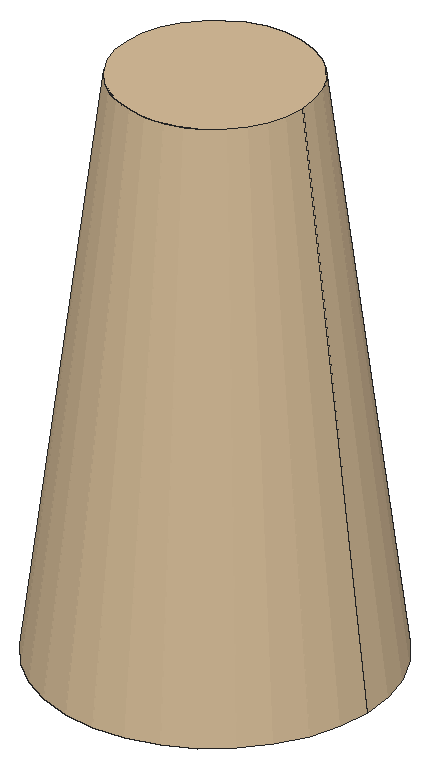
Revit family "FU_Table_Sandler_Cono 4003", category Furniture, Revit 2022
Family settings
  OmniClass Number = 23.40.20.00
  OmniClass Title = General Furniture and Specialties
  Work Plane-Based = No
  Always vertical = Yes
  Cut with Voids When Loaded = No
  Render Appearance Source = Family Geometry
  Shared = No
  Room Calculation Point = No
Parameters (values of type "Cono 4003")
  Width = 310 mm
  URL = "https://www.sandlerseating.com/product/cono-4003/"
  Model = "Cono 4003"
  Manufacturer = "Sandler"
  Height = 550 mm
  Description = "Metal side table base at 55cm/21.75\" high, available in pearl gold, black, or lacquered finishes. Maximum tabletop size: 80cm/32\" diameter"
  Depth = 310 mm
  Default Elevation = 0 mm
  Base [instance] = Metal - M3 Lacquer - Pearl Gold RAL 1036
Reference planes
  plane 1 "Center (Front/Back)": y = 0
  plane 2: z = 0
  plane 3 "Center (Left/Right)": x = 0
  plane 4 "Base Right": x = -155
  plane 5 "Base Left": x = 155
  plane 6 "Base Back": y = 155
  plane 7 "Base Front": y = -155
  plane 8 "Height": z = 550
  plane 9 "Base Top": z = 525
Forms (mm)
  Blend 1, solid, material "Metal - M3 Lacquer - Pearl Gold RAL 1036" <- "Base"
    base sketch origin (0, 0, 0) x (1, 0, 0) y (0, 1, 0)
      loop
        circle (0, 0) r 155
    top sketch origin (0, 0, 0) x (1, 0, 0) y (0, 1, 0)
      loop
        circle (0, 0) r 88.5
    from 0 to 525
Dimensions and locks
  equal spacing: plane 6 "Base Back", plane 1 "Center (Front/Back)", plane 7 "Base Front"
  "Depth": plane 6 "Base Back" to plane 7 "Base Front"
  equal spacing: plane 4 "Base Right", plane 3 "Center (Left/Right)", plane 5 "Base Left"
  "Width": plane 4 "Base Right" to plane 5 "Base Left"
  "Height": plane 8 "Height" to level
  aligned and locked: level to plane 2
  aligned and locked: plane 9 "Base Top" to Blend 1
  aligned and locked: Blend 1 to level
Automatic sketch dimensions
  plane 1 "Center (Front/Back)" to Blend 1 sketch curve = 0 mm  (x2)
  Blend 1 sketch curve to plane 3 "Center (Left/Right)" = 0 mm  (x2)
  radius of Blend 1 sketch curve = 155 mm
  radius of Blend 1 sketch curve = 88.5 mm
